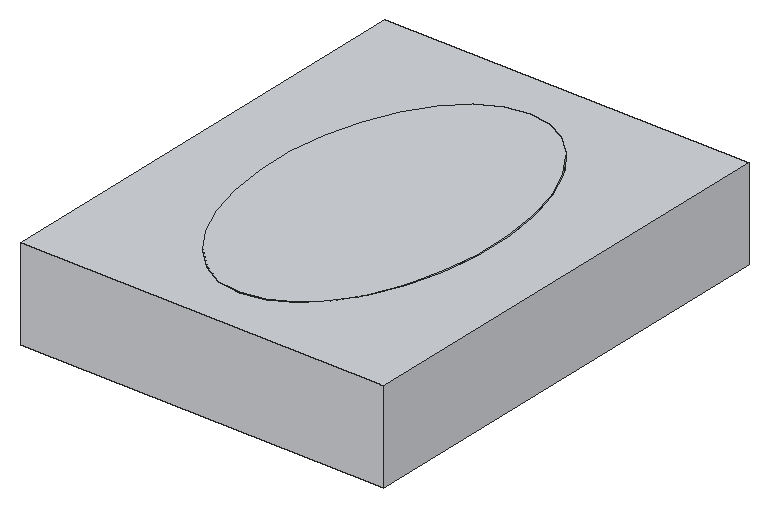
Revit family "電線管用ファミリ(片側のみ)_29", category Electrical Fixtures, Revit 2022
Family settings
  Round Connector Dimension = Use Diameter
  Part Type = Normal
  OmniClass Number = 23.80.00.00
  OmniClass Title = Electric Power and Lighting
  Work Plane-Based = No
  Always vertical = Yes
  Cut with Voids When Loaded = No
  Maintain Annotation Orientation = No
  Shared = No
  Room Calculation Point = No
Parameters
  コネクタ直径 [instance] = 16 mm
  W [instance] = 200 mm
  Default Elevation = 0 mm
  D [instance] = 250 mm
Reference planes
  plane 1 "Center (Front/Back)": y = 0
  plane 2: z = 0
  plane 3 "Center (Left/Right)": x = 0
  plane 4: x = -100
  plane 5: x = 100
  plane 6: y = 125
  plane 7: y = -125
  plane 8: z = 50
Forms (mm)
  Extrusion 1, solid
    sketch origin (0, 0, 0) x (1, 0, 0) y (0, 1, 0)
      loop
        line (-100, 125) -> (-100, -125) -> (100, -125) -> (100, 125) -> (-100, 125)
    from 0 to 50
  Extrusion 2, solid
    sketch origin (0, 0, 0) x (1, 0, 0) y (0, 1, 0)
      loop
        spline (0, -100) -> (15.529, -96.593) -> (30, -86.603) -> (42.426, -70.711) -> (51.962, -50) -> (57.956, -25.882) -> (60, 0) -> (57.956, 25.882) -> (51.962, 50) -> (42.426, 70.711) -> (30, 86.603) -> (15.529, 96.593) -> (0, 100)
        spline (0, 100) -> (-15.529, 96.593) -> (-30, 86.603) -> (-42.426, 70.711) -> (-51.962, 50) -> (-57.956, 25.882) -> (-60, 0) -> (-57.956, -25.882) -> (-51.962, -50) -> (-42.426, -70.711) -> (-30, -86.603) -> (-15.529, -96.593) -> (0, -100)
    from 0 to 50
Dimensions and locks
  equal spacing: plane 4, plane 3 "Center (Left/Right)", plane 5
  "W": plane 4 to plane 5
  equal spacing: plane 6, plane 1 "Center (Front/Back)", plane 7
  "D": plane 6 to plane 7
  aligned and locked: level to plane 2
  aligned and locked: plane 8 to Extrusion 1
  aligned and locked: plane 8 to Extrusion 2
Automatic sketch dimensions
  Extrusion 1 sketch curve to plane 4 = 0 mm
  Extrusion 1 sketch curve to plane 5 = 0 mm
  Extrusion 1 sketch curve to plane 7 = 0 mm
  Extrusion 1 sketch curve to plane 6 = 0 mm
  Extrusion 2 sketch curve to plane 3 "Center (Left/Right)" = 0 mm
  plane 1 "Center (Front/Back)" to Extrusion 2 sketch curve = 0 mm
  plane 7 to Extrusion 2 sketch curve = 25 mm
Connectors
  cabletrayconduit at (0, 0, 50), diameter 16
    settings: on Extrusion 1, index 1, connector width 300 mm, connector height 300 mm, connector angle 0.00°, system type 32, placement type 0, profile type 0, connector reference index -1, is primary connector yes, connector utility param no, connector description ""
